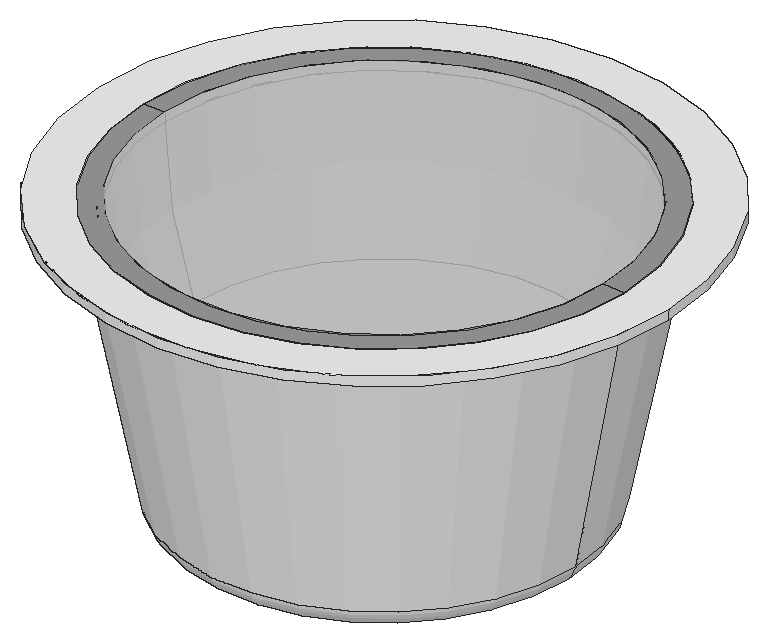
Revit family "2060540 Sylvania Lighting Fixture ASCENT 100 II ARCH 1000 3K STD 160", category Lighting Fixtures, host Face, Revit 2016
Family settings
  Host = Face
  Part Type = Normal
  Round Connector Dimension = Use Diameter
  OmniClass Number = 23.80.70.11.17
  OmniClass Title = Specialized Lighting by Location or Use
  Cut with Voids When Loaded = No
  Light Source = Yes
  Shared = No
  Room Calculation Point = No
Parameters (values of type "2060540 ASCT100 II ARCH 1000 3K STD 160")
  WidthBezelAcc_SYL = 25.0 mm
  Weight = "1.2 kg"
  Wattage = 7 W
  WarrantyStartDate [instance] = "n/a"
  WarrantyGuarantorParts = "n/a"
  WarrantyDurationUnit = "n/a"
  WarrantyDurationParts = "n/a"
  WarrantyDescription = "n/a"
  built-in parameter 1150110 = 1 (stored number, unit not read)
  Voltage = 0 V
  VisibilityAccessory_SYL = no
  TypeName = "ASCENT 100 II ARCH 1000 3K STD 160"
  built-in parameter 1114217 = 1 (stored number, unit not read)
  Tilt Angle = -90°
  built-in parameter 1150109 = 1 (stored number, unit not read)
  built-in parameter 1150134 = (empty or 0)
  built-in parameter 1150113 = 1 (stored number, unit not read)
  SerialNumber [instance] = "n/a"
  ReflectorRadius_SYL = Radius_SYL - 14.5 mm  # 80.0 mm
  RadiusAcc_SYL = 105.0 mm
  Radius_SYL = 94.5 mm
  URL = "http://www.sylvania-lighting.com"
  PowerFactor = 0
  PowerConsumption = "7 W"
  Photometric Web File = "2060540.ies"
  NominalWidth = 0.0 mm
  NominalLength = 0.0 mm
  NominalHeight = 94.0 mm
  Name = "ASCENT 100 II ARCH 1000 3K STD 160"
  ModelReference = "ASCENT 100 II ARCH 1000 3K STD 160"
  ModelNumber = "2060540"
  Material_4_SYL = none
  Material_3_SYL = Polycarbonate_Sylvania_Ascent_Opal
  Material_2_SYL = Aluminium_Sylvania_Ascent_Silver
  Material_1_SYL = Aluminum_Sylvania_Ascent_White
  Material = "aluminium housing, arcylic diffuser"
  ManufacturerName = "Feilo Sylvania"
  LuminousEfficacy = "138 lm/W"
  built-in parameter 1150105 = 76.872 (stored number, unit not read)
  Lumens = 966 lm
  LuminaireType = ""
  built-in parameter 1150115 = 1 (stored number, unit not read)
  LightOutputRatio = "100"
  built-in parameter 1150137 = (empty or 0)
  built-in parameter 1150139 = (empty or 0)
  LampsType = Lamp  # "LED"
  LampNominalLuminous = "968 lm"
  LampMacAdamStep = "3"
  LampColourTemperature = "3000 K"
  LampColourRenderingIndex = "80"
  built-in parameter 1150112 = 1 (stored number, unit not read)
  built-in parameter 1150114 = 1 (stored number, unit not read)
  Keynote = "16500"
  InstallationDate [instance] = "n/a"
  InputVoltage = "n/a"
  InputNominalFrequency = "n/a"
  built-in parameter 1150132 = (empty or 0)
  built-in parameter 1150102 = (empty or 0)
  built-in parameter 1150107 = 3000 (stored number, unit not read)
  built-in parameter 1150138 = (empty or 0)
  IngressProtection = "IP40"
  ImpactProtectionIndex = "IK02"
  built-in parameter 1150106 = 0.76872 (stored number, unit not read)
  IfcExportType = "IfcLightFixtureType"
  IfcExportAs = "IfcLightFixtureType"
  Height_SYL = 94.0 mm
  HeightAcc_SYL = 7.0 mm
  ExpectedLife = 50000
  EmittionSurface_SYL = if(VisibilityAccessory_SYL, 7.0 mm, 3.0 mm)  # 3.0 mm
  Emit from Circle Diameter = DiffuserRadius_SYL * 2  # 146.0 mm
  Emit Shape Visible in Rendering = no
  ElectricShockClassification = "Class II"
  built-in parameter 1150104 = 12.821 (stored number, unit not read)
  DurationUnit = "hours"
  DocumentationLiterature = "http://www.sylvania-lighting.com/product/en-int/products/2060540"
  DimmingControlOptions = "n/a"
  Dimming Lamp Color Temperature Shift = <None>
  DiffuserRadius_SYL = ReflectorRadius_SYL - 7.0 mm  # 73.0 mm
  Diameter_SYL = 2 * Radius_SYL  # 189.0 mm
  CutoutDiameter_SYL = Diameter_SYL - 13.0 mm  # 176.0 mm
  CreatedOn = "9/17/2018"
  CreatedBy = "@sylvania-lighting.com"
  Color Filter = 16777215
  built-in parameter 1114216 [instance] = 1 (stored number, unit not read)
  Model = "ASCENT 100 II ARCH 1000 3K STD 160"
  Manufacturer = "Feilo Sylvania"
  Lamp = "LED"
  Description = "Direct LED retro fit for original LED 100 Arch (160) single CFL lamp offering Matching lumen levels and improved light distribution of original LED 100 CFL lamp equivalents Typically half the power consumption compared to CFL Up to 112lm/W 160mm aperture Architectural reflector accepts range of glass accessories from existing LED 100 Arch 160 offering HE, HO and VHO versions equivalent of single 1 x 18W, 1 x 32W, 1 x 42W\r\n Additional VVHO versions which offer the performance circa 2 x 32W equivalent"  # constant formula
  Default Elevation = 0.0 mm
  built-in parameter 1140040 [instance] = 1
  BarCode [instance] = "n/a"
  built-in parameter 1114218 = 1 (stored number, unit not read)
  built-in parameter 1150133 = 10 (stored number, unit not read)
  AssetType = "Fixed"
  AssetIdentifier [instance] = "n/a"
  Assembly Code = "D5020200"
  Apparent Load = 7 VA
  Aperture_SYL = 2 * ReflectorRadius_SYL  # 160.0 mm
Reference planes
  plane 1 "Center (Front/Back)": y = 0
  plane 2: z = 0
  plane 3 "Center (Left/Right)": x = 0
  plane 4 "Fixture Bottom": z = 3
  plane 5: z = -52.5
  plane 6 "Fixture Top": z = -91
  plane 7: x = -105
  plane 8: z = 7
  plane 9: x = -80
  plane 10: z = 5
  plane 11: x = -103
Forms (mm)
  Extrusion 1, solid, material "Aluminum_Sylvania_Ascent_White", detail levels fine
    sketch origin (0, 0, 0) x (1, 0, 0) y (0, 1, 0)
      loop
        circle (0, 0) r 94.5
      loop
        circle (0, 0) r 80
    from 0 to 3
  Extrusion 2, void
    sketch origin (0, 0, 0) x (1, 0, 0) y (0, 1, 0)
      loop
        circle (0, 0) r 88
    from -91 to 3
  Revolve 3, solid, material "Aluminum_Sylvania_Ascent_White" <- "Material_1_SYL", detail levels fine
    sketch origin (0, 0, 0) x (1, 0, 0) y (0, 0, 1)
      loop
        line (0, -91.073) -> (0, -89.023) -> (-55.468, -89.014)
        arc (-55.468, -89.014) -> (-59.352, -87.613) -> (-61.54, -84.139) r 6.307
        line (-61.54, -84.139) -> (-77.991, -2.844) -> (-77.991, 0) -> (-80, 0) -> (-80, -3) -> (-63.5, -84.536)
        arc (-63.5, -84.536) -> (-60.643, -89.203) -> (-55.5, -91.073) r 8.291
        line (-55.5, -91.073) -> (0, -91.073)
      axis (0, 0) -> (0, -91.073)
    angle from 0 to 360
  Revolve 4, solid, material "Aluminium_Sylvania_Ascent_Silver" <- "Material_2_SYL", detail levels fine
    sketch origin (0, 0, 0) x (1, 0, 0) y (0, 0, 1)
      loop
        line (-80, 3) -> (-80, 0) -> (-75, 0)
        arc (-75, 0) -> (-72.349, -26.77) -> (-64.5, -52.5) r 136.5
        line (-64.5, -52.5) -> (-58, -52.5)
        arc (-58, -52.5) -> (-56.857, -61.521) -> (-53.5, -69.971) r 36.166
        line (-53.5, -69.971) -> (0, -69.971) -> (0, -50.5) -> (-63.16, -50.5)
        arc (-63.16, -50.5) -> (-70.517, -25.725) -> (-73, 0) r 134.5
        line (-73, 0) -> (-73, 3) -> (-80, 3)
      axis (0, 3) -> (0, -69.971)
    angle from 0 to 360
  Extrusion 5, solid, material "Polycarbonate_Sylvania_Ascent_Opal" <- "Material_3_SYL", detail levels fine
    sketch origin (0, 0, 0) x (1, 0, 0) y (0, 1, 0)
      loop
        circle (0, 0) r 73
    from 0 to 3
  Revolve 6, solid, material "Aluminum_Sylvania_Ascent_White" <- "Material_1_SYL", detail levels coarse+medium
    sketch origin (0, 0, 0) x (1, 0, 0) y (0, 0, 1)
      loop
        line (0, -91.073) -> (0, 3) -> (-94.5, 3) -> (-94.5, 0) -> (-79.5, 0) -> (-79.5, -3) -> (-63, -84.536)
        arc (-63, -84.536) -> (-60.143, -89.203) -> (-55, -91.073) r 8.291
        line (-55, -91.073) -> (0, -91.073)
      axis (0, 3) -> (0, -91.073)
    angle from 0 to 360
  Revolve 7, solid, material "Aluminum_Sylvania_Ascent_White" <- "Material_1_SYL", visible <- "VisibilityAccessory_SYL"
    sketch origin (0, 0, 0) x (1, 0, 0) y (0, 0, 1)
      loop
        line (-105, 0) -> (-103, 0) -> (-103, 5) -> (-80, 5) -> (-80, 7) -> (-105, 7) -> (-105, 0)
      axis (0, 7) -> (0, 0)
    angle from 0 to 360
  Revolve 8, solid, material "Polycarbonate_Sylvania_Ascent_Opal" <- "Material_3_SYL", visible <- "VisibilityAccessory_SYL"
    sketch origin (0, 0, 0) x (1, 0, 0) y (0, 0, 1)
      loop
        line (-80, 7) -> (-80, 5) -> (0, 5) -> (0, 7) -> (-80, 7)
      axis (0, 7) -> (0, 5)
    angle from 0 to 360
Lines and regions (mm)
  reference lines
    curve 1: line (-150, 0, 3) -> (125, 0, 3)
Dimensions and locks
  locked: plane 4 "Fixture Bottom" to plane 2 at 3
  "Height_SYL": plane 4 "Fixture Bottom" to plane 6 "Fixture Top"
  "ReflectorRadius_SYL": plane 3 "Center (Left/Right)" to Revolve 4 sketch curve
  locked: Revolve 4 sketch curve to Revolve 4 sketch curve at 15.5
  locked: Revolve 4 sketch curve to Revolve 4 sketch curve at 5
  locked: Revolve 4 sketch curve to Revolve 4 sketch curve at 7
  locked: Revolve 4 sketch curve to Revolve 4 sketch curve at 22
  locked: Revolve 4 sketch curve to Revolve 4 sketch curve at 26.5
  locked: Revolve 3 sketch curve to Revolve 3 sketch curve at 16.5
  locked: Revolve 3 sketch curve to Revolve 3 sketch curve at 24.5
  "ReflectorRadius_SYL": Revolve 3 sketch curve to plane 3 "Center (Left/Right)"
  locked: Revolve 3 sketch curve to plane 6 "Fixture Top" at 6.464
  locked: plane 2 to Revolve 3 sketch curve at 3
  locked: Revolve 3 sketch curve to Revolve 3 sketch curve at 2
  locked: Revolve 3 sketch curve to Revolve 3 sketch curve at 2.009
  locked: plane 2 to plane 5 at 52.5
  locked: Revolve 6 sketch curve to Revolve 6 sketch curve at 31.5
  locked: Revolve 6 sketch curve to Revolve 6 sketch curve at 39.5
  locked: Revolve 6 sketch curve to Revolve 6 sketch curve at 15
  "Radius_SYL": plane 3 "Center (Left/Right)" to Revolve 6 sketch curve
  "RadiusAcc_SYL": plane 3 "Center (Left/Right)" to plane 7
  "HeightAcc_SYL": plane 8 to level
  "WidthBezelAcc_SYL": plane 7 to plane 9
  locked: plane 7 to plane 11 at 2
  locked: plane 8 to plane 10 at 2
  "EmittionSurface_SYL": curve 1 to level
  "CutoutDiameter_SYL": diameter of Extrusion 2 sketch curve
  "ReflectorRadius_SYL": radius of Extrusion 1 sketch curve
  "DiffuserRadius_SYL": radius of Extrusion 5 sketch curve
  "Radius_SYL": radius of Extrusion 1 sketch curve
  aligned and locked: host face to plane 2
  aligned and locked: host face to level
  aligned and locked: plane 4 "Fixture Bottom" to Extrusion 1
  aligned and locked: Extrusion 1 to plane 2
  aligned and locked: Revolve 3 sketch curve to plane 3 "Center (Left/Right)"
  aligned and locked: Revolve 4 sketch curve to plane 3 "Center (Left/Right)"  (x2)
  aligned and locked: plane 4 "Fixture Bottom" to Revolve 4 sketch curve
  aligned and locked: Extrusion 5 to plane 2
  aligned and locked: plane 2 to Revolve 3 sketch curve  (x2)
  aligned and locked: Revolve 6 sketch curve to plane 3 "Center (Left/Right)"
  aligned and locked: plane 6 "Fixture Top" to Extrusion 2
  aligned and locked: Revolve 7 sketch curve to plane 3 "Center (Left/Right)"
  aligned and locked: host face to Revolve 7 sketch curve  (x2)
  aligned and locked: Revolve 7 sketch curve to plane 7
  aligned and locked: plane 8 to Revolve 7 sketch curve
  aligned and locked: plane 9 to Revolve 7 sketch curve
  aligned and locked: Revolve 7 sketch curve to plane 10
  aligned and locked: plane 11 to Revolve 7 sketch curve
  aligned and locked: Revolve 7 to Revolve 8 sketch curve
  aligned and locked: Revolve 8 sketch curve to Revolve 7  (x2)
  aligned and locked: Revolve 8 sketch curve to plane 3 "Center (Left/Right)"  (x2)
  aligned and locked: plane 3 "Center (Left/Right)" to imposter light
  aligned and locked: imposter light to plane 1 "Center (Front/Back)"
  aligned and locked: imposter light to curve 1
Automatic sketch dimensions
  plane 1 "Center (Front/Back)" to Extrusion 2 sketch curve = 0.0 mm
  Extrusion 2 sketch curve to plane 3 "Center (Left/Right)" = 0.0 mm
  Extrusion 1 sketch curve to Extrusion 1 sketch curve = 0.0 mm  (x2)
  plane 1 "Center (Front/Back)" to Extrusion 1 sketch curve = 0.0 mm
  Extrusion 1 sketch curve to plane 3 "Center (Left/Right)" = 0.0 mm
  plane 6 "Fixture Top" to Revolve 3 sketch curve = 0.073 mm
  Revolve 3 sketch curve to plane 6 "Fixture Top" = 6.861 mm
  Revolve 3 sketch curve to Revolve 3 sketch curve = 0.003 mm
  Revolve 3 sketch curve to Revolve 3 sketch curve = 0.009 mm  (x2)
  Revolve 3 sketch curve to Revolve 3 sketch curve = 0.023 mm
  Revolve 3 sketch curve to Revolve 3 sketch curve = 0.072 mm
  Revolve 3 sketch curve to Revolve 3 sketch curve = 0.008 mm
  Revolve 3 sketch curve to plane 6 "Fixture Top" = 1.977 mm
  Revolve 3 sketch curve to Revolve 3 sketch curve = 33.496 mm
  Revolve 3 sketch curve to Revolve 3 sketch curve = 0.028 mm
  plane 4 "Fixture Bottom" to Revolve 3 sketch curve = 82.431 mm
  Revolve 4 sketch curve to Revolve 4 sketch curve = 0.0 mm  (x2)
  Revolve 4 sketch curve to plane 5 = 0.0 mm
  Revolve 4 sketch curve to level = 0.0 mm
  plane 5 to Revolve 4 sketch curve = 2.0 mm
  plane 4 "Fixture Bottom" to Revolve 4 sketch curve = 9.642 mm
  plane 1 "Center (Front/Back)" to Extrusion 5 sketch curve = 0.0 mm
  Extrusion 5 sketch curve to plane 3 "Center (Left/Right)" = 0.0 mm
  Revolve 4 sketch curve to level = 69.971 mm
  Revolve 4 sketch curve to Revolve 4 sketch curve = 2.387 mm
  Revolve 6 sketch curve to level = 0.0 mm
  Revolve 6 sketch curve to plane 3 "Center (Left/Right)" = 0.0 mm
  Revolve 6 sketch curve to Revolve 6 sketch curve = 8.104 mm
  Revolve 6 sketch curve to level = 3.0 mm
  Revolve 6 sketch curve to plane 6 "Fixture Top" = 6.464 mm
  plane 6 "Fixture Top" to Revolve 6 sketch curve = 0.073 mm
  Revolve 6 sketch curve to Revolve 6 sketch curve = 33.496 mm
  plane 4 "Fixture Bottom" to Revolve 6 sketch curve = 82.431 mm
  host sketch curve to host sketch curve = 1704.996 mm
  host sketch curve to host sketch curve = 1500.0 mm
  plane 6 "Fixture Top" to Revolve 7 sketch curve = 281.274 mm
  Revolve 7 sketch curve to plane 8 = 1140.706 mm
  plane 6 "Fixture Top" to Revolve 8 sketch curve = 281.274 mm
  Revolve 8 sketch curve to Revolve 8 sketch curve = 1140.706 mm
  Revolve 3 sketch curve to plane 3 "Center (Left/Right)" = 0.0 mm
  Revolve 6 sketch curve to plane 4 "Fixture Bottom" = 0.0 mm
  plane 7 to curve 1 = 45.0 mm
  plane 3 "Center (Left/Right)" to curve 1 = 125.0 mm
Connectors
  electrical at (0, 0, -91.073), driven by "Apparent Load"
    settings: on Revolve 3, index 1, voltage 240 V, apparent load 0 VA, apparent load phase1 7 VA, apparent load phase2 0 VA, apparent load phase3 0 VA, power factor 1, load classification "Lighting", number of poles 1, system type 31, power factor state 1, is connector primary yes, connector utility no, sub classification motor no, connector description ""
